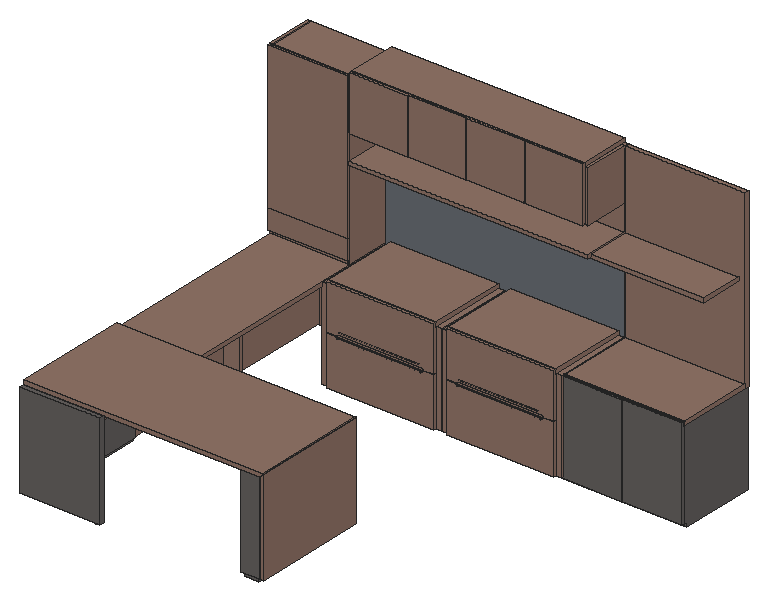
Revit family "OFS TYPICAL T100251", category Furniture, Revit 2022
Family settings
  OmniClass Number = 23.40.20.00
  OmniClass Title = General Furniture and Specialties
  Work Plane-Based = No
  Always vertical = Yes
  Cut with Voids When Loaded = No
  Render Appearance Source = Family Geometry
  Shared = No
  Room Calculation Point = No
Parameters (values of type "T100251")
  URL = "http://ofs.com/"
  Model = "T100251"
  Manufacturer = "OFS"
  Description = "OFS TYPICAL T100251"
  Default Elevation = 0' - 0"
  Copyright © = "©OFS 2024"
  Catalog = ""
  Authoring Version = "Autodesk Revit 2018"
  Assembly Code = "E2020200"
Reference planes (in)
  plane 1 "Center Front/Back": y = 0
  plane 2: z = 0
  plane 3 "Center Left/Right": x = 0
Dimensions and locks (in)
  nested 6 to plane 1 "Center Front/Back" = 9' - 0"
  nested 1 to nested 4 = 11' - 0"
  plane 3 "Center Left/Right" to nested 4 = 6' - 0"
  aligned and locked: level to plane 2
Nested families (in)
  nested 1: "OFS SLATE WORKSURFACE WARDROBE CABINETS" at (-24, 0, 0), type "Worksurface Wardrobe Cabinet Left Door 24W x 15D"
    with Top OFS SLATE Dark Wood, Panel OFS SLATE Dark Wood, Elevation 2' - 5 1/4", Drawers OFS SLATE Dark Wood, Case OFS SLATE Dark Wood, Base OFS SLATE Dark Wood, Back OFS SLATE Dark Wood
  nested 2: "OFS SLATE BRIDGES" at (0, 0, 0) x (0, 1, 0) z (0, 0, 1), type "72W Return Extended Bridge - Right"
    with Top OFS SLATE Dark Wood, Panel OFS SLATE Dark Wood
  nested 3: "OFS SLATE MODULAR CABINET TOP PULL" at (72, 0, 0), type "Modular Cabinet Top Pull 36W - 2 Doors"
    with Top OFS SLATE Black Wood, Glide OFS SLATE Silver Metal, Door OFS SLATE Black Wood, Case OFS SLATE Black Wood
  nested 4: "OFS SLATE WALLMOUNT PANEL WITH SHELF VENEER PARTIAL HEIGHT B" at (90, -12, 0), type "WALLMOUNT PANEL WITH RIGHT SHELF VENEER 3.5H 36in - 1.5H Shelf"
    with Chasis OFS SLATE Dark Wood, C6J Intermediate Shelf yes, C6J yes
  nested 5: "OFS SLATE OVERLAY WALLMOUNT ORGANIZER W HINGED DOORS _ OPEN SHELF 1.5H" at (36, -12, 0), type "OVERLAY WALLMOUNT ORGANIZER W 4 HINGED DOORS & OPEN SHELF 1.5H 72""
    with Glides OFS SLATE Black Plastic, Front Panel Finish OFS SLATE Dark Wood, Chasis OFS SLATE Dark Wood
  nested 6: "OFS SLATE OVERLAY WORK TABLE HEIGHT ADJUSTABLE" at (-24, -108, 0) x (-1, 0, 0) z (0, 0, 1), type "OVERLAY WORK TABLE HEIGHT ADJUSTABLE 72W x 36D Left"
    with Worksurface OFS BRANDS Dark Wood, Panel OFS BRANDS Black Wood, Feet OFS BRANDS White Glide
  nested 7: "OFS SLATE STORAGE MODULAR CABINET TOPS - Wire Drop Back" at (138, -24.125, 0) x (-1, 0, 0) z (0, 0, 1), type "Workwall Modular Cabinet Top w Wire Drop on the Back 36W SG 2"
    with Top Cabinet OFS SLATE Dark Wood, Height from Floor 2' - 5 1/4", Width 3' - 0", Depth 1' - 11"
  nested 8: "OFS SLATE WORKWALL OVERLAY CREDENZAS" at (0, 0, 0), type "SLATE WORKWALL OVERLAY CREDENZA LATERAL FILE 72" 2"
    with Width 3' - 0", Top OFS Dark Wood, Panel OFS Dark Wood, Length 2 0' - 0.063", Length 1 2' - 1.255", Glides OFS Black Plastic, Drawers OFS Dark Wood, Case OFS Dark Wood, Base OFS Dark Wood, 6 Drawers no, 4 Drawers no, 2 Drawers yes, Type 4, Overlay Lateral File yes
  nested 9: "OFS SLATE WORKWALL OVERLAY CREDENZAS" at (36, 0, 0), type "SLATE WORKWALL OVERLAY CREDENZA LATERAL FILE 72" 2"
    with Width 3' - 0", Top OFS Dark Wood, Panel OFS Dark Wood, Length 2 0' - 0.063", Length 1 2' - 1.255", Glides OFS Black Plastic, Drawers OFS Dark Wood, Case OFS Dark Wood, Base OFS Dark Wood, 6 Drawers no, 4 Drawers no, 2 Drawers yes, Type 4, Overlay Lateral File yes
  nested 10: "OFS SLATE WALLMOUNT PANEL FABRIC COVERED 2H" at (36, -12, 0), type "WALLMOUNT PANEL FABRIC COVERED 2H 72""
    with Panel OFS SLATE Fabric Cover
Definition of nested family "OFS SLATE WORKSURFACE WARDROBE CABINETS"
  Parameters (values of type "Worksurface Wardrobe Cabinet Right Door 24W x 18D")
    Width = 2' - 0"
    URL = "http://www.ofs.com/"
    Top [instance] = none
    Single Door = yes
    Right = yes
    Panel [instance] = none
    Model = "CA-241852WWCR"
    Manufacturer = "CAROLINA"
    Left = no
    Height = 4' - 3 1/2"
    Elevation [instance] = 2' - 5 1/4"
    Drawers [instance] = none
    Double Doors = no
    Description = "OFS SLATE Worksurface Wardrobe Cabinet Single Door 24W x 18D x 51.5H, Right Sided, Cabinet has a Coat Hang Rail"
    Depth = 1' - 6"
    Default Elevation = 0' - 0"
    Copyright © = "© 2019 BRANDS"
    Catalog = "https://ofs.com/products/casegoods/private-office/slate"
    Case [instance] = none
    Base [instance] = none
    Back [instance] = none
    Authoring Version = "Autodesk Revit Architecture 2014"
    Assembly Code = "E2020200"
  Types (10): name | Width | Single Door | Right | Model | Left | Double Doors | Description | Depth
    Worksurface Wardrobe Cabinet Left Door 24W x 15D | 2' - 0" | yes | no | "CA-2452WWCL" | yes | no | "OFS SLATE Worksurface Wardrobe Cabinet Single Door 24W x 15D x 51.5H, Left Sided, Cabinet has a Coat Hang Rail" | 1' - 3"
    Worksurface Wardrobe Cabinet Left Door 18W x 15D | 1' - 6" | yes | no | "CA-1852WWCL" | yes | no | "OFS SLATE Worksurface Wardrobe Cabinet Single Door 18W x 15D x 51.5H, Left Sided, Cabinet has a Coat Hook on each Side" | 1' - 3"
    Worksurface Wardrobe Cabinet Right Door 18W x 15D | 1' - 6" | yes | yes | "CA-1852WWCR" | no | no | "OFS SLATE Worksurface Wardrobe Cabinet Single Door 18W x 15D x 51.5H, Right Sided, Cabinet has a Coat Hook on each Side" | 1' - 3"
    Worksurface Wardrobe Cabinet Right Door 24W x 15D | 2' - 0" | yes | yes | "CA-2452WWCR" | no | no | "OFS SLATE Worksurface Wardrobe Cabinet Single Door 24W x 15D x 51.5H, Right Sided, Cabinet has a Coat Hang Rail" | 1' - 3"
    Worksurface Wardrobe Cabinet Left Door 18W x 18D | 1' - 6" | yes | no | "CA-181852WWCL" | yes | no | "OFS SLATE Worksurface Wardrobe Cabinet Single Door 18W x 18D x 51.5H, Left Sided, Cabinet has a Coat Hook on each Side" | 1' - 6"
    Worksurface Wardrobe Cabinet Left Door 24W x 18D | 2' - 0" | yes | no | "CA-241852WWCL" | yes | no | "OFS SLATE Worksurface Wardrobe Cabinet Single Door 24W x 18D x 51.5H, Left Sided, Cabinet has a Coat Hang Rail" | 1' - 6"
    Worksurface Wardrobe Cabinet Right Door 18W x 18D | 1' - 6" | yes | yes | "CA-181852WWCR" | no | no | "OFS SLATE Worksurface Wardrobe Cabinet Single Door 18W x 18D x 51.5H, Right Sided, Cabinet has a Coat Hook on each Side" | 1' - 6"
    Worksurface Wardrobe Cabinet Right Door 24W x 18D | 2' - 0" | yes | yes | "CA-241852WWCR" | no | no | "OFS SLATE Worksurface Wardrobe Cabinet Single Door 24W x 18D x 51.5H, Right Sided, Cabinet has a Coat Hang Rail" | 1' - 6"
    Worksurface Wardrobe Cabinet Double Doors 36W x 15D | 3' - 0" | no | no | "CA-3652WWC" | no | yes | "OFS SLATE Worksurface Wardrobe Cabinet with Double Doors 36W x 15D x 51.5H, Cabinet has a Coat Hang Rail" | 1' - 3"
    Worksurface Wardrobe Cabinet Double Doors 36W x 18D | 3' - 0" | no | no | "CA-361852WWC" | no | yes | "OFS SLATE Worksurface Wardrobe Cabinet with Double Doors 36W x 18D x 51.5H, Cabinet has a Coat Hang Rail" | 1' - 6"
  Reference planes (in)
    plane 1 "Center (Front/Back)": y = 0
    plane 2: z = 0
    plane 3 "Center (Left/Right)": x = 0
    plane 4: x = 0.75
    plane 5: x = 23.25
    plane 6: x = 24
    plane 7: x = 23.9375
    plane 8: x = 0.0625
    plane 9: x = 12
    plane 10: y = -0.75
    plane 11: y = -21
    plane 12: y = -18.10681
    plane 13: y = -17.35681
    plane 14: y = -17.25
    plane 15: z = 29.3125
    plane 16: z = 29.25
    plane 17: z = 80.1875
    plane 18: z = 30
    plane 19: z = 80.25
    plane 20: z = 79.5
    plane 21: z = 80.75
    plane 22: y = -18
    plane 23: z = 36.5
    plane 24: z = 36.375
    plane 25: z = 30.5
  Forms (in)
    Extrusion 1, solid, material <- "Case"
      sketch origin (0, 0, 0) x (1, 0, 0) y (0, 0, 1)
        loop
          line (0, 80.25) -> (0, 29.25) -> (0.75, 29.25) -> (0.75, 80.25) -> (0, 80.25)
        loop
          line (23.25, 80.25) -> (23.25, 29.25) -> (24, 29.25) -> (24, 80.25) -> (23.25, 80.25)
      from 0 to 17.25
    Extrusion 2, solid, material <- "Drawers", visible <- "Double Doors"
      sketch origin (-3.04745, -18.10681, 47.24409) x (-1, 0, 0) y (0, 0, 1)
        loop
          line (-14.98495, 32.94341) -> (-14.98495, -10.74409) -> (-3.10995, -10.74409) -> (-3.10995, 32.94341) -> (-14.98495, 32.94341)
        loop
          line (-15.10995, 32.94341) -> (-26.98495, 32.94341) -> (-26.98495, -10.74409) -> (-15.10995, -10.74409) -> (-15.10995, 32.94341)
      from 0 to 0.75
    Extrusion 3, solid, material <- "Drawers", visible <- "Single Door"
      sketch origin (-3.04745, -18.10681, 47.24409) x (-1, 0, 0) y (0, 0, 1)
        loop
          line (-3.10995, 32.94341) -> (-26.98495, 32.94341) -> (-26.98495, -10.74409) -> (-3.10995, -10.74409) -> (-3.10995, 32.94341)
      from 0 to 0.75
    Extrusion 4, solid, material <- "Back"
      sketch origin (59.59592, -60, 29.25) x (0, -1, 0) y (-1, 0, 0)
        loop
          line (-60, 58.84592) -> (-60, 36.34592) -> (-59.25, 36.34592) -> (-59.25, 58.84592) -> (-60, 58.84592)
      from 0 to -50.25
    Extrusion 5, solid, material <- "Top"
      sketch origin (-3.04745, -17.25, 47.24409) x (-1, 0, 0) y (0, 0, 1)
        loop
          line (-3.79745, 32.2559) -> (-3.79745, 33.0059) -> (-26.29745, 33.0059) -> (-26.29745, 32.2559) -> (-3.79745, 32.2559)
      from 0 to 17.25
    Extrusion 6, solid, material <- "Base"
      sketch origin (-3.04745, -17.25, 47.24409) x (-1, 0, 0) y (0, 0, 1)
        loop
          line (-3.79745, -16.74409) -> (-26.29745, -16.74409) -> (-26.29745, -17.99409) -> (-3.79745, -17.99409) -> (-3.79745, -16.74409)
      from 0 to 13.5
    Extrusion 7, solid, material <- "Drawers"
      sketch origin (15.63075, -18.10681, 42.5871) x (-1, 0, 0) y (0, 0, 1)
        loop
          line (15.56825, -6.2121) -> (-8.30675, -6.2121) -> (-8.30675, -12.0871) -> (15.56825, -12.0871) -> (15.56825, -6.2121)
      from 0 to 0.75
  Lines and regions (in)
    Masking region 1
      outline origin (-58.79662, -60, 80.25) x (-1, 0, 0) y (0, -1, 0)
        loop
          line (-58.79662, -60) -> (-58.79662, -41.89319) -> (-82.79662, -41.89319) -> (-82.79662, -60) -> (-58.79662, -60)
    symbolic lines, visible <- "Left"
      curve 1: line (0, -18.10681, 80.25) -> (24, -21, 80.25)
    symbolic lines, detail levels medium+fine
      curve 2: line (24, -18.10681, 80.25) -> (0, -18.10681, 80.25)
    symbolic lines, visible <- "Left", detail levels medium+fine
      curve 3: line (24, -21, 80.25) -> (24, -18.10681, 80.25)
    symbolic lines, visible <- "Right"
      curve 4: line (0, -21, 80.25) -> (24, -18.10681, 80.25)
    symbolic lines, visible <- "Right", detail levels medium+fine
      curve 5: line (0, -18.10681, 80.25) -> (0, -21, 80.25)
    symbolic lines, visible <- "Double Doors"
      curve 6: line (0, -18.10681, 80.25) -> (12, -21, 80.25)
      curve 7: line (24, -18.10681, 80.25) -> (12, -21, 80.25)
  Dimensions and locks (in)
    locked: plane 10 to plane 1 "Center (Front/Back)" at 0.75
    plane 14 to plane 13 to plane 22 to plane 12 to plane 11 = 0' - 0.10681" locked, 0' - 0.64319" locked, 0' - 0.10681" locked, 0' - 2.89319" locked
    plane 3 "Center (Left/Right)" to plane 8 to plane 4 = 0' - 0 1/16" locked, 0' - 0 11/16" locked
    plane 5 to plane 7 to plane 6 = 0' - 0 11/16" locked, 0' - 0 1/16" locked
    "Width": plane 3 "Center (Left/Right)" to plane 6
    equal spacing: plane 3 "Center (Left/Right)", plane 9, plane 6
    plane 21 to plane 19 to plane 17 to plane 20 = 0' - 0 1/2" locked, 0' - 0 1/16" locked, 0' - 0 11/16" locked
    plane 18 to plane 15 to plane 16 = 0' - 0 11/16" locked, 0' - 0 1/16" locked
    "Height": plane 21 to plane 16
    "Elevation": plane 16 to level
    Extrusion 2 sketch curve to plane 9 to Extrusion 2 sketch curve = 0' - 0 1/16" locked, 0' - 0 1/16" locked
    "Depth": plane 1 "Center (Front/Back)" to plane 22
    locked: plane 23 to plane 16 at 7.25
    locked: plane 23 to plane 24 at 0.125
    locked: plane 25 to plane 16 at 1.25
    aligned and locked: level to plane 2
    aligned and locked: Extrusion 1 sketch curve to plane 19  (x2)
    aligned and locked: plane 3 "Center (Left/Right)" to Extrusion 1 sketch curve
    aligned and locked: Extrusion 1 sketch curve to plane 16  (x2)
    aligned and locked: Extrusion 1 sketch curve to plane 4
    aligned and locked: Extrusion 1 sketch curve to plane 5
    aligned and locked: Extrusion 1 sketch curve to plane 6
    aligned and locked: Extrusion 1 to plane 14
    aligned and locked: Extrusion 2 sketch curve to plane 17
    aligned and locked: plane 17 to Extrusion 2 sketch curve
    aligned and locked: Extrusion 2 sketch curve to plane 7
    aligned and locked: Extrusion 3 sketch curve to plane 17
    aligned and locked: Extrusion 4 sketch curve to Extrusion 1
    aligned and locked: Extrusion 1 to Extrusion 4 sketch curve
    aligned and locked: Extrusion 4 sketch curve to plane 10
    aligned and locked: plane 5 to Extrusion 4 sketch curve
    aligned and locked: Extrusion 4 to plane 20
    aligned and locked: Extrusion 5 sketch curve to Extrusion 4  (x2)
    aligned and locked: Extrusion 1 to Extrusion 5 sketch curve  (x2)
    aligned and locked: Extrusion 6 sketch curve to plane 4
    aligned and locked: Extrusion 6 sketch curve to Extrusion 4
    aligned and locked: Extrusion 6 sketch curve to Extrusion 1
    aligned and locked: Extrusion 5 to plane 1 "Center (Front/Back)"
    aligned and locked: Extrusion 5 to plane 14
    aligned and locked: Masking region 1 sketch curve to Extrusion 1  (x3)
    aligned and locked: Masking region 1 sketch curve to plane 12
    aligned and locked: plane 12 to curve 1
    aligned and locked: plane 11 to curve 1
    aligned and locked: curve 3 to plane 6
    aligned and locked: curve 4 to plane 12
    aligned and locked: curve 4 to plane 3 "Center (Left/Right)"
    aligned and locked: plane 11 to curve 4
    aligned and locked: Extrusion 3 to plane 13
    aligned and locked: curve 6 to plane 9
    aligned and locked: curve 6 to plane 3 "Center (Left/Right)"
    aligned and locked: curve 7 to plane 6
    aligned and locked: plane 23 to Extrusion 2  (x2)
    aligned and locked: plane 25 to Extrusion 7
    aligned and locked: Extrusion 7 to plane 24
    aligned and locked: Extrusion 7 to plane 8
    aligned and locked: Extrusion 7 to plane 7
    aligned and locked: Extrusion 6 to plane 25
  Automatic sketch dimensions
    Extrusion 2 sketch curve to plane 8 = 0' - 0"
    Extrusion 2 sketch curve to plane 23 = 0' - 0"  (x2)
    plane 7 to Extrusion 3 sketch curve = 0' - 0"
    Extrusion 3 sketch curve to plane 8 = 0' - 0"
    Extrusion 3 sketch curve to plane 23 = 0' - 0"
    plane 11 to curve 6 = 0' - 0"
    plane 20 to Extrusion 7 sketch curve = 3' - 7 1/8"
    Extrusion 7 sketch curve to plane 6 = 0' - 0 1/16"
    Extrusion 7 sketch curve to plane 6 = 1' - 11 15/16"
    Extrusion 7 sketch curve to plane 18 = 0' - 0 1/2"
    Extrusion 6 sketch curve to plane 18 = 0' - 0 1/2"
Definition of nested family "OFS SLATE BRIDGES"
  Parameters (values of type "84W Return Extended Bridge - Right")
    Width = 7' - 0"
    URL = "http://www.ofs.com/"
    Type = 3
    Right Extended Bridge = Type = 3  # yes
    Left Extended Bridge = Type = 4  # no
    Default Elevation = 0' - 0"
    Bridge Top = or(Type = 1, Type = 2)  # no
    Back Panel = Type = 2  # no
    Description = "OFS SLATE 84W Right Return Extended Bridge"
    Model = "CA-2484RPRS"
    Manufacturer = "CAROLINA"
    Copyright © = "© 2019 OFS"
    Catalog = "https://ofs.com/products/tables/conference/slate"
    Authoring Version = "Autodesk Revit Architecture 2014"
    Assembly Code = "E2020200"
    Top [instance] = none
    Panel [instance] = none
  Types (12): name | Width | Type | Right Extended Bridge | Left Extended Bridge | Bridge Top | Back Panel | Description | Model
    84W Return Extended Bridge - Left | 7' - 0" | 4 | no | yes | no | no | "OFS SLATE 84W Left Return Extended Bridge" | "CA-2484LPRS"
    78W Return Extended Bridge - Left | 6' - 6" | 4 | no | yes | no | no | "OFS SLATE 78W Left Return Extended Bridge" | "CA-2478LPRS"
    72W Return Extended Bridge - Left | 6' - 0" | 4 | no | yes | no | no | "OFS SLATE 72W Left Return Extended Bridge" | "CA-2472LPRS"
    66W Return Extended Bridge - Left | 5' - 6" | 4 | no | yes | no | no | "OFS SLATE 66W Left Return Extended Bridge" | "CA-2466LPRS"
    84W Return Extended Bridge - Right | 7' - 0" | 3 | yes | no | no | no | "OFS SLATE 84W Right Return Extended Bridge" | "CA-2484RPRS"
    78W Return Extended Bridge - Right | 6' - 6" | 3 | yes | no | no | no | "OFS SLATE 78W Right Return Extended Bridge" | "CA-2478RPRS"
    72W Return Extended Bridge - Right | 6' - 0" | 3 | yes | no | no | no | "OFS SLATE 72W Right Return Extended Bridge" | "CA-2472RPRS"
    66W Return Extended Bridge - Right | 5' - 6" | 3 | yes | no | no | no | "OFS SLATE 66W Right Return Extended Bridge" | "CA-2466RPRS"
    48 Bridge Top With Back Panel | 4' - 0" | 2 | no | no | yes | yes | "OFS SLATE 48W Bridge Top With Back Panel" | "CA-2448BR"
    42 Bridge Top With Back Panel | 3' - 6" | 2 | no | no | yes | yes | "OFS SLATE 42W Bridge Top With Back Panel" | "CA-2442BR"
    48 Bridge Top | 4' - 0" | 1 | no | no | yes | no | "OFS SLATE 48W Return Bridge Top" | "CA-2448BRT"
    42 Bridge Top | 3' - 6" | 1 | no | no | yes | no | "OFS SLATE 42W Return Bridge Top" | "CA-2442BRT"
  Reference planes (in)
    plane 1 "Center (Front/Back)": y = 0
    plane 2: z = 0
    plane 3 "Center (Left/Right)": x = 0
    plane 4 "rrr": through (-2.45771, -5.50063, 16.56517) normal (0.0223, 0.0194, 0.9996)
    plane 5: x = 84
    plane 6: y = -1.1875
    plane 7: y = -24
    plane 8: z = 29.2
    plane 9: z = 28.0125
    plane 10: z = 0.45
    plane 11: x = 42
    plane 12: x = -84
    plane 13: x = -42.59375
    plane 14: x = -1.1875
    plane 15: x = 1.1875
    plane 16: z = 28.0125
    plane 17: z = 27.2625
    plane 18: z = 0.45
    plane 19: y = 24
  Forms (in)
    Extrusion 1, solid, material <- "Top", visible <- "Bridge Top"
      sketch origin (0, 0, 0) x (0, 1, 0) y (0, 0, 1)
        loop
          line (0, 29.2) -> (-24, 29.2) -> (-24, 28.0125) -> (0, 28.0125) -> (0, 29.2)
      from 0 to 84
    Extrusion 2, solid, material <- "Panel", visible <- "Back Panel"
      sketch origin (0, 0, 0) x (0, 1, 0) y (0, 0, 1)
        loop
          line (0, 28.0125) -> (-1.1875, 28.0125) -> (-1.1875, 0.45) -> (0, 0.45) -> (0, 28.0125)
      from 0 to 84
    Extrusion 3, solid, material <- "Top", visible <- "Right Extended Bridge"
      sketch origin (0, 0, 0) x (0, 1, 0) y (0, 0, 1)
        loop
          line (24, 29.2) -> (0, 29.2) -> (0, 28.0125) -> (24, 28.0125) -> (24, 29.2)
      from 0 to -84
    Sweep 4, solid, material <- "Panel", visible <- "Right Extended Bridge"
      path origin (0, 24, 47.24409) x (1, 0, 0) y (0, 0, 1)
        loop
          line (-42.59375, -19.23159) -> (-42.59375, -46.79409)
      profile origin (-42.59375, 24, 14.23125) x (0, -1, 0) y (1, 0, 0)
        loop
          line (0, -0.375) -> (9, -0.375) -> (9, 0.375) -> (0, 0.375) -> (0, -0.375)
    Sweep 5, solid, material <- "Panel", visible <- "Right Extended Bridge"
      path origin (0, 24, 47.24409) x (1, 0, 0) y (0, 0, 1)
        loop
          line (-42.59375, -19.23159) -> (-42.59375, -46.79409)
      profile origin (-42.59375, 24, 14.23125) x (0, -1, 0) y (1, 0, 0)
        loop
          line (0, 1.125) -> (0, 0.375) -> (3.25, 0.375) -> (3.25, 1.125) -> (0, 1.125)
        loop
          line (0, -1.125) -> (3.25, -1.125) -> (3.25, -0.375) -> (0, -0.375) -> (0, -1.125)
    Sweep 6, solid, material <- "Panel", visible <- "Right Extended Bridge"
      path origin (0, 24, 47.24409) x (1, 0, 0) y (0, 0, 1)
        loop
          line (-84, -46.79409) -> (-84, -19.23159)
      profile origin (-84, 24, 14.23125) x (-1, 0, 0) y (0, -1, 0)
        loop
          line (-0.75, 0) -> (0, 0) -> (0, 3.25) -> (-0.75, 3.25) -> (-0.75, 0)
    Sweep 7, solid, material <- "Panel", visible <- "Right Extended Bridge"
      path origin (0, 24, 47.24409) x (1, 0, 0) y (0, 0, 1)
        loop
          line (-1.1875, -19.23159) -> (-1.1875, -46.79409)
      profile origin (-1.1875, 24, 14.23125) x (0, -1, 0) y (1, 0, 0)
        loop
          line (0, 0) -> (0, -0.75) -> (3.25, -0.75) -> (3.25, 0) -> (0, 0)
    Extrusion 8, solid, material <- "Panel", visible <- "Right Extended Bridge"
      sketch origin (0, 0, 0) x (1, 0, 0) y (0, 0, 1)
        loop
          line (-1.1875, 28.0125) -> (-1.1875, 0.45) -> (0, 0.45) -> (0, 28.0125) -> (-1.1875, 28.0125)
      from 0 to -24
    Extrusion 9, solid, material <- "Panel", visible <- "Right Extended Bridge"
      sketch origin (-84, 24, 47.24409) x (0, 1, 0) y (0, 0, 1)
        loop
          line (-3.25, -32.79409) -> (-4, -32.79409) -> (-4, -46.79409) -> (-3.25, -46.79409) -> (-3.25, -32.79409)
      from 0 to 41.03125
    Extrusion 10, solid, material <- "Panel", visible <- "Right Extended Bridge"
      sketch origin (-1.1875, 24, 47.24409) x (0, 1, 0) y (0, 0, -1)
        loop
          line (-3.25, 32.79409) -> (-3.25, 46.79409) -> (-4, 46.79409) -> (-4, 32.79409) -> (-3.25, 32.79409)
      from 0 to 41.03125
    Extrusion 11, solid, material <- "Panel", visible <- "Right Extended Bridge"
      sketch origin (0, 0, 0) x (1, 0, 0) y (0, 0, 1)
        loop
          line (-83.875, 27.2625) -> (-83.875, 14.575) -> (-43.09375, 14.575) -> (-43.09375, 27.2625) -> (-83.875, 27.2625)
      from -20.75 to -20
    Extrusion 12, solid, material <- "Panel", visible <- "Right Extended Bridge"
      sketch origin (0, 0, 0) x (1, 0, 0) y (0, 0, 1)
        loop
          line (-42.09375, 27.2625) -> (-42.09375, 14.575) -> (-1.3125, 14.575) -> (-1.3125, 27.2625) -> (-42.09375, 27.2625)
      from -20.75 to -20
    Extrusion 13, solid, material <- "Top", visible <- "Left Extended Bridge"
      sketch origin (0, 0, 0) x (0, 1, 0) y (0, 0, -1)
        loop
          line (24, -29.2) -> (24, -28.0125) -> (0, -28.0125) -> (0, -29.2) -> (24, -29.2)
      from 0 to -84
    Sweep 14, solid, material <- "Panel", visible <- "Left Extended Bridge"
      path origin (0, 24, 47.24409) x (-1, 0, 0) y (0, 0, -1)
        loop
          line (-42.59375, 19.23159) -> (-42.59375, 46.79409)
      profile origin (42.59375, 24, 14.23125) x (0, -1, 0) y (1, 0, 0)
        loop
          line (0, 0.375) -> (0, -0.375) -> (9, -0.375) -> (9, 0.375) -> (0, 0.375)
    Sweep 15, solid, material <- "Panel", visible <- "Left Extended Bridge"
      path origin (0, 24, 47.24409) x (-1, 0, 0) y (0, 0, -1)
        loop
          line (-42.59375, 19.23159) -> (-42.59375, 46.79409)
      profile origin (42.59375, 24, 14.23125) x (0, -1, 0) y (1, 0, 0)
        loop
          line (0, -1.125) -> (3.25, -1.125) -> (3.25, -0.375) -> (0, -0.375) -> (0, -1.125)
        loop
          line (0, 1.125) -> (0, 0.375) -> (3.25, 0.375) -> (3.25, 1.125) -> (0, 1.125)
    Sweep 16, solid, material <- "Panel", visible <- "Left Extended Bridge"
      path origin (0, 24, 47.24409) x (-1, 0, 0) y (0, 0, -1)
        loop
          line (-84, 46.79409) -> (-84, 19.23159)
      profile origin (84, 24, 14.23125) x (-1, 0, 0) y (0, -1, 0)
        loop
          line (0.75, 0) -> (0.75, 3.25) -> (0, 3.25) -> (0, 0) -> (0.75, 0)
    Sweep 17, solid, material <- "Panel", visible <- "Left Extended Bridge"
      path origin (0, 24, 47.24409) x (-1, 0, 0) y (0, 0, -1)
        loop
          line (-1.1875, 19.23159) -> (-1.1875, 46.79409)
      profile origin (1.1875, 24, 14.23125) x (0, -1, 0) y (1, 0, 0)
        loop
          line (0, 0) -> (3.25, 0) -> (3.25, 0.75) -> (0, 0.75) -> (0, 0)
    Extrusion 18, solid, material <- "Panel", visible <- "Left Extended Bridge"
      sketch origin (0, 0, 0) x (-1, 0, 0) y (0, 0, -1)
        loop
          line (-1.1875, -28.0125) -> (0, -28.0125) -> (0, -0.45) -> (-1.1875, -0.45) -> (-1.1875, -28.0125)
      from 0 to -24
    Extrusion 19, solid, material <- "Panel", visible <- "Left Extended Bridge"
      sketch origin (84, 24, 47.24409) x (0, 1, 0) y (0, 0, -1)
        loop
          line (-3.25, 32.79409) -> (-3.25, 46.79409) -> (-4, 46.79409) -> (-4, 32.79409) -> (-3.25, 32.79409)
      from 0 to 41.03125
    Extrusion 20, solid, material <- "Panel", visible <- "Left Extended Bridge"
      sketch origin (1.1875, 24, 47.24409) x (0, 1, 0) y (0, 0, 1)
        loop
          line (-3.25, -32.79409) -> (-4, -32.79409) -> (-4, -46.79409) -> (-3.25, -46.79409) -> (-3.25, -32.79409)
      from 0 to 41.03125
    Extrusion 21, solid, material <- "Panel", visible <- "Left Extended Bridge"
      sketch origin (0, 0, 0) x (-1, 0, 0) y (0, 0, -1)
        loop
          line (-83.875, -27.2625) -> (-43.09375, -27.2625) -> (-43.09375, -14.575) -> (-83.875, -14.575) -> (-83.875, -27.2625)
      from -20.75 to -20
    Extrusion 22, solid, material <- "Panel", visible <- "Left Extended Bridge"
      sketch origin (0, 0, 0) x (-1, 0, 0) y (0, 0, -1)
        loop
          line (-42.09375, -27.2625) -> (-1.3125, -27.2625) -> (-1.3125, -14.575) -> (-42.09375, -14.575) -> (-42.09375, -27.2625)
      from -20.75 to -20
  Lines and regions (in)
    Masking region 1, visible <- "Bridge Top"
      outline origin (0, 0, 0) x (1, 0, 0) y (0, 1, 0)
        loop
          line (0, 0) -> (0, -24) -> (84, -24) -> (84, 0) -> (0, 0)
    Masking region 2, visible <- "Right Extended Bridge"
      outline origin (0, 0, 0) x (1, 0, 0) y (0, 1, 0)
        loop
          line (-84, 24) -> (-84, 0) -> (0, 0) -> (0, 24) -> (-84, 24)
    Masking region 3, visible <- "Left Extended Bridge"
      outline origin (0, 0, 0) x (1, 0, 0) y (0, 1, 0)
        loop
          line (0, 24) -> (0, 0) -> (84, 0) -> (84, 24) -> (0, 24)
  Dimensions and locks (in)
    "Width": plane 3 "Center (Left/Right)" to plane 5
    equal spacing: plane 3 "Center (Left/Right)", plane 11, plane 5
    "Width": plane 12 to plane 3 "Center (Left/Right)"
    equal spacing: plane 12, plane 13, plane 14
    Sweep 4 sketch curve to profile plane to Sweep 4 sketch curve = 0' - 0 3/8" locked, 0' - 0 3/8" locked
    Sweep 14 sketch curve to profile plane to Sweep 14 sketch curve = 0' - 0 3/8" locked, 0' - 0 3/8" locked
    equal spacing: plane 15, Sweep 14 sketch curve, plane 5
    equal spacing: plane 15, Sweep 15 sketch curve, plane 5
    aligned and locked: level to plane 2
    aligned and locked: Extrusion 1 sketch curve to plane 8
    aligned and locked: plane 9 to Extrusion 1 sketch curve
    aligned and locked: plane 7 to Extrusion 1 sketch curve
    aligned and locked: plane 1 "Center (Front/Back)" to Extrusion 1 sketch curve
    aligned and locked: Extrusion 1 to plane 3 "Center (Left/Right)"
    aligned and locked: Extrusion 1 to plane 5
    aligned and locked: plane 1 "Center (Front/Back)" to Extrusion 2 sketch curve
    aligned and locked: Extrusion 2 sketch curve to plane 9
    aligned and locked: plane 10 to Extrusion 2 sketch curve
    aligned and locked: plane 6 to Extrusion 2 sketch curve
    aligned and locked: Extrusion 2 to plane 5
    aligned and locked: Extrusion 2 to plane 3 "Center (Left/Right)"
    aligned and locked: plane 3 "Center (Left/Right)" to Masking region 1 sketch curve
    aligned and locked: plane 1 "Center (Front/Back)" to Masking region 1 sketch curve
    aligned and locked: plane 5 to Masking region 1 sketch curve
    aligned and locked: Masking region 1 sketch curve to plane 7
    aligned and locked: plane 11 to nested 1
    aligned and locked: plane 7 to nested 1
    aligned and locked: plane 13 to nested 2
    aligned and locked: nested 2 to plane 1 "Center (Front/Back)"
    aligned and locked: plane 11 to nested 3
    aligned and locked: nested 3 to plane 1 "Center (Front/Back)"
    aligned and locked: Extrusion 3 sketch curve to plane 8
    aligned and locked: Extrusion 3 sketch curve to plane 1 "Center (Front/Back)"
    aligned and locked: Extrusion 3 sketch curve to plane 16
    aligned and locked: plane 19 to Extrusion 3 sketch curve
    aligned and locked: plane 3 "Center (Left/Right)" to Extrusion 3
    aligned and locked: Extrusion 3 to plane 12
    aligned and locked: plane 13 to Sweep 4 sketch curve
    aligned and locked: plane 10 to Sweep 4 sketch curve
    aligned and locked: plane 16 to Sweep 4 sketch curve
    aligned and locked: profile plane to Sweep 4 sketch curve
    aligned and locked: plane 10 to Sweep 5 sketch curve
    aligned and locked: plane 16 to Sweep 5 sketch curve
    aligned and locked: plane 13 to Sweep 5 sketch curve
    aligned and locked: Sweep 5 sketch curve to Sweep 4
    aligned and locked: Sweep 4 to Sweep 5 sketch curve
    aligned and locked: profile plane to Sweep 5 sketch curve
    aligned and locked: Sweep 5 sketch curve to profile plane
    aligned and locked: plane 16 to Sweep 6 sketch curve
    aligned and locked: plane 10 to Sweep 6 sketch curve
    aligned and locked: plane 12 to Sweep 6 sketch curve
    aligned and locked: Sweep 6 sketch curve to profile plane  (x2)
    aligned and locked: plane 16 to Sweep 7 sketch curve
    aligned and locked: plane 10 to Sweep 7 sketch curve
    aligned and locked: Sweep 7 sketch curve to plane 14
    aligned and locked: Sweep 7 sketch curve to profile plane  (x2)
    aligned and locked: Extrusion 8 sketch curve to plane 3 "Center (Left/Right)"
    aligned and locked: plane 14 to Extrusion 8 sketch curve
    aligned and locked: plane 16 to Extrusion 8 sketch curve
    aligned and locked: plane 10 to Extrusion 8 sketch curve
    aligned and locked: plane 1 "Center (Front/Back)" to Extrusion 8
    aligned and locked: Extrusion 9 sketch curve to plane 18
    aligned and locked: Extrusion 9 to plane 12
    aligned and locked: plane 14 to Extrusion 10
    aligned and locked: Extrusion 10 to Sweep 4
    aligned and locked: Extrusion 9 to Sweep 4
    aligned and locked: Extrusion 11 sketch curve to plane 17
    aligned and locked: Extrusion 12 sketch curve to plane 17
    aligned and locked: profile plane to Sweep 14 sketch curve
    aligned and locked: Sweep 15 sketch curve to Sweep 14  (x2)
    aligned and locked: profile plane to Sweep 15 sketch curve
    aligned and locked: Sweep 15 sketch curve to profile plane
    aligned and locked: Sweep 16 sketch curve to profile plane  (x2)
    aligned and locked: Sweep 17 sketch curve to profile plane  (x2)
    aligned and locked: Sweep 14 to Extrusion 20
    aligned and locked: Sweep 14 to Extrusion 19
    aligned and locked: Extrusion 13 to plane 5
    aligned and locked: Extrusion 19 to plane 5
    aligned and locked: plane 19 to Masking region 2 sketch curve
    aligned and locked: Masking region 2 sketch curve to plane 3 "Center (Left/Right)"
    aligned and locked: plane 12 to Masking region 2 sketch curve
    aligned and locked: Masking region 2 sketch curve to plane 1 "Center (Front/Back)"
    aligned and locked: plane 3 "Center (Left/Right)" to Masking region 3 sketch curve
    aligned and locked: Masking region 3 sketch curve to plane 1 "Center (Front/Back)"
    aligned and locked: plane 19 to Masking region 3 sketch curve
    aligned and locked: Masking region 3 sketch curve to plane 5
  Automatic sketch dimensions
    plane 19 to Sweep 4 sketch curve = 0' - 9"
    Sweep 5 sketch curve to profile plane = 0' - 1 1/8"
    plane 19 to Sweep 5 sketch curve = 0' - 3 1/4"
    Sweep 5 sketch curve to Sweep 5 sketch curve = 0' - 0"
    Sweep 5 sketch curve to Sweep 5 sketch curve = 0' - 0 3/4"
    profile plane to Sweep 6 sketch curve = 0' - 0 3/4"
    plane 19 to Sweep 6 sketch curve = 0' - 3 1/4"
    plane 19 to Sweep 7 sketch curve = 0' - 3 1/4"
    Sweep 7 sketch curve to Sweep 7 sketch curve = 0' - 0 3/4"
    plane 19 to Extrusion 9 sketch curve = 0' - 4"
    Extrusion 9 sketch curve to Extrusion 9 sketch curve = 0' - 0 3/4"
    Extrusion 9 sketch curve to plane 17 = 1' - 0 13/16"
    plane 18 to Extrusion 10 sketch curve = 0' - 0"
    plane 19 to Extrusion 10 sketch curve = 0' - 4"
    Extrusion 10 sketch curve to Extrusion 10 sketch curve = 0' - 0 3/4"
    Extrusion 10 sketch curve to plane 17 = 1' - 0 13/16"
    plane 12 to Extrusion 11 sketch curve = 0' - 0 1/8"
    plane 13 to Extrusion 11 sketch curve = 0' - 0 1/2"
    Extrusion 11 sketch curve to plane 17 = 1' - 0 11/16"
    Extrusion 12 sketch curve to plane 13 = 0' - 0 1/2"
    Extrusion 12 sketch curve to plane 14 = 0' - 0 1/8"
    Extrusion 12 sketch curve to plane 17 = 1' - 0 11/16"
    Extrusion 13 sketch curve to plane 1 "Center (Front/Back)" = 0' - 0"
    plane 16 to Extrusion 13 sketch curve = 0' - 0"
    Extrusion 13 sketch curve to plane 19 = 0' - 0"
    Extrusion 13 sketch curve to plane 8 = 0' - 0"
    Sweep 14 sketch curve to plane 10 = 0' - 0"
    Sweep 14 sketch curve to plane 16 = 0' - 0"
    plane 19 to Sweep 14 sketch curve = 0' - 9"
    Sweep 15 sketch curve to plane 10 = 0' - 0"
    Sweep 15 sketch curve to plane 16 = 0' - 0"
    profile plane to Sweep 15 sketch curve = 0' - 1 1/8"
    plane 19 to Sweep 15 sketch curve = 0' - 3 1/4"
    Sweep 15 sketch curve to Sweep 15 sketch curve = 0' - 0"
    Sweep 15 sketch curve to Sweep 15 sketch curve = 0' - 0 3/4"
    plane 5 to Sweep 16 sketch curve = 0' - 0"
    Sweep 16 sketch curve to plane 16 = 0' - 0"
    Sweep 16 sketch curve to plane 10 = 0' - 0"
    Sweep 16 sketch curve to Sweep 16 sketch curve = 0' - 0 3/4"
    plane 19 to Sweep 16 sketch curve = 0' - 3 1/4"
    Sweep 17 sketch curve to plane 10 = 0' - 0"
    plane 15 to Sweep 17 sketch curve = 0' - 0"
    Sweep 17 sketch curve to plane 16 = 0' - 0"
    plane 19 to Sweep 17 sketch curve = 0' - 3 1/4"
    Sweep 17 sketch curve to Sweep 17 sketch curve = 0' - 0 3/4"
    Extrusion 18 sketch curve to plane 10 = 0' - 0"
    plane 15 to Extrusion 18 sketch curve = 0' - 0"
    Extrusion 18 sketch curve to plane 3 "Center (Left/Right)" = 0' - 0"
    Extrusion 18 sketch curve to plane 16 = 0' - 0"
    plane 18 to Extrusion 19 sketch curve = 0' - 0"
    plane 19 to Extrusion 19 sketch curve = 0' - 4"
    Extrusion 19 sketch curve to Extrusion 19 sketch curve = 0' - 0 3/4"
    Extrusion 19 sketch curve to plane 17 = 1' - 0 13/16"
    plane 18 to Extrusion 20 sketch curve = 0' - 0"
    plane 19 to Extrusion 20 sketch curve = 0' - 4"
    Extrusion 20 sketch curve to Extrusion 20 sketch curve = 0' - 0 3/4"
    Extrusion 20 sketch curve to plane 17 = 1' - 0 13/16"
    Extrusion 21 sketch curve to plane 17 = 0' - 0"
    plane 5 to Extrusion 21 sketch curve = 0' - 0 1/8"
    Extrusion 21 sketch curve to plane 11 = 0' - 1 3/32"
    Extrusion 21 sketch curve to Extrusion 21 sketch curve = 1' - 0 11/16"
    Extrusion 22 sketch curve to plane 17 = 0' - 0"
    Extrusion 22 sketch curve to plane 11 = 0' - 0 3/32"
    Extrusion 22 sketch curve to plane 15 = 0' - 0 1/8"
    Extrusion 22 sketch curve to plane 17 = 1' - 0 11/16"
  Nested families (in)
    nested 1: "Tag" at (42, -24, 0) x (-1, 0, 0) z (0, 0, 1), visible <- "Bridge Top", type "Center", detail levels fine
      with Offset (LR) 0' - 0", Distance of Center (not Change) 0' - 0.1"
    nested 2: "Tag" at (-42.59375, 0, 0) x (-1, 0, 0) z (0, 0, 1), visible <- "Right Extended Bridge", type "Center", detail levels fine
      with Offset (LR) 0' - 0", Distance of Center (not Change) 0' - 0.1"
    nested 3: "Tag" at (42, 0, 0) x (-1, 0, 0) z (0, 0, 1), visible <- "Left Extended Bridge", type "Center", detail levels fine
      with Offset (LR) 0' - 0", Distance of Center (not Change) 0' - 0.1"
  Definition of nested family "Tag"
    Parameters
      P_Width = 0' - 0"
      Text_Width = "Empty"
      Text_Height = "Empty"
      Text_Diameter = "Empty"
      Text_Depth = "Empty"
      Offset (LR) [instance] = 0' - 0"
      Model Name = "EK-7168-E"
      P_Height = 0' - 0"
      Distance of Center (not Change) = 0' - 0"
      P_Diameter = 0' - 0"
      P_Depth = 0' - 0"
    Reference planes (in)
      plane 1: y = 0
      plane 2: x = 0
    Lines and regions (in)
      reference lines
        curve 1: line (-0.44359, 0, 0) -> (0.41085, 0, 0)
        curve 3: line (0, 0.32564, 0) -> (0, -0.40221, 0)
      reference lines, not visible
        curve 2: line (-0.44359, 0.09843, 0) -> (0.41085, 0.09843, 0)
        curve 4: line (0, 0.42407, 0) -> (0, -0.30379, 0)
    Text (in)
      label "Empty" at (0.00197, -0.0079, 0), shows "Model Name"
      label "Empty" at (0.00197, 0.09052, 0), shows "Model Name", not visible
    Dimensions and locks (in)
      "Distance of Center (not Change)": plane 1 to curve 1
      "Offset (LR)": curve 3 to plane 2
    Automatic sketch dimensions
      curve 1 to curve 3 = 0' - 0.44359"
      curve 3 to curve 1 = 0' - 0.41085"
      curve 3 to curve 1 = 0' - 0.40221"
      curve 1 to curve 3 = 0' - 0.32564"
      curve 2 to curve 4 = 0' - 0.44359"
      curve 4 to curve 2 = 0' - 0.41085"
      curve 4 to curve 2 = 0' - 0.40221"
      curve 2 to curve 4 = 0' - 0.32564"
Definition of nested family "OFS SLATE MODULAR CABINET TOP PULL"
  Parameters (values of type "Modular Cabinet Top Pull - Left Hinged")
    URL = "http://www.ofs.com/"
    Type_4 = Type = 4  # no
    Type_3 = Type = 3  # no
    Type_2 = Type = 2  # no
    Type_1 = Type = 1  # yes
    Type = 1
    Top [instance] = none
    Default Elevation = 0' - 0"
    Case [instance] = none
    Model = "CA-1824LMDC-1"
    Manufacturer = "CAROLINA"  # constant formula
    Glide [instance] = none
    Door [instance] = none
    Description = "OFS SLATE Modular Cabinet Top Pull - Left Hinged"
    Central_Pull = if(Type = 1, 0' 1", 0' 5")  # 0' - 1"
    Copyright © = "© 2019 OFS"  # constant formula
    Catalog = "https://ofs.com/products/tables/conference/slate"  # constant formula
    Authoring Version = "Autodesk Revit Architecture 2014"  # constant formula
    Assembly Code = "E2020200"
  Types (4): name | Type_4 | Type_3 | Type_2 | Type_1 | Type | Model | Description | Central_Pull
    Modular Cabinet Top Pull 36W - 2 Doors | yes | no | no | no | 4 | "CA-3624MDC-1" | "OFS SLATE Modular Cabinet Top Pull 36W - 2 Doors" | 0' - 5"
    Modular Cabinet Top Pull 30W - 2 Doors | no | yes | no | no | 3 | "CA-3024MDC-1" | "OFS SLATE Modular Cabinet Top Pull 30W - 2 Doors" | 0' - 5"
    Modular Cabinet Top Pull - Left Hinged | no | no | no | yes | 1 | "CA-1824LMDC-1" | "OFS SLATE Modular Cabinet Top Pull - Left Hinged" | 0' - 1"
    Modular Cabinet Top Pull - Right Hinged | no | no | yes | no | 2 | "CA-1824RMDC-1" | "OFS SLATE Modular Cabinet Top Pull - Right Hinged" | 0' - 5"
  Reference planes (in)
    plane 1 "Center (Front/Back)": y = 0
    plane 2: z = 0
    plane 3 "Center (Left/Right)": x = 0
    plane 4: y = -24.6875
    plane 5: x = 18
    plane 6: z = 23
    plane 7: x = -18
    plane 8: x = 30
    plane 9: x = 36
  Forms (in)
    Extrusion 1, solid, material <- "Case", visible <- "Type_1"
      sketch origin (0, 0, 0) x (1, 0, 0) y (0, 0, 1)
        loop
          line (17.25, 24.02141) -> (17.25, 28.00512) -> (0.76067, 28.00512) -> (0.76067, 24.02141) -> (17.25, 24.02141)
      from 0 to 0.75
    Extrusion 2, solid, material <- "Case", visible <- "Type_1"
      sketch origin (0, 0, 0) x (1, 0, 0) y (0, 0, 1)
        loop
          line (17.25, 0.45933) -> (17.25, 4.44725) -> (0.76067, 4.44725) -> (0.76067, 0.45933) -> (17.25, 0.45933)
      from 0 to 0.75
    Extrusion 3, solid, material <- "Case", visible <- "Type_1"
      sketch origin (0, 0, 0) x (0, 1, 0) y (0, 0, 1)
        loop
          line (0, 0.45) -> (0, 28.0125) -> (-23.9375, 28.0125) -> (-23.9375, 1.7) -> (-23.0625, 1.7) -> (-23.0625, 0.45) -> (0, 0.45)
      from 0 to 0.76067
    Extrusion 4, solid, material <- "Case", visible <- "Type_1"
      sketch origin (0, 0, 0) x (0, 1, 0) y (0, 0, 1)
        loop
          line (0, 0.45) -> (0, 28.0125) -> (-23.9375, 28.0125) -> (-23.9375, 1.7) -> (-23.0625, 1.7) -> (-23.0625, 0.45) -> (0, 0.45)
      from 17.25 to 17.9375
    Extrusion 5, solid, material <- "Case", visible <- "Type_1"
      sketch origin (0, 0, 0) x (0, 1, 0) y (0, 0, 1)
        loop
          line (-23.0625, 1.7) -> (-23.0625, 0.45) -> (-0.75, 0.45) -> (-0.75, 1.7) -> (-23.0625, 1.7)
      from 0.75 to 17.25
    Extrusion 6, solid, material <- "Top", visible <- "Type_1"
      sketch origin (0, 0, 0) x (1, 0, 0) y (0, 1, 0)
        loop
          line (0.76067, -4) -> (0.76067, -8) -> (17.25, -8) -> (17.25, -4) -> (0.76067, -4)
        loop
          line (0.76067, -15.9375) -> (0.76067, -19.9375) -> (17.25, -19.9375) -> (17.25, -15.9375) -> (0.76067, -15.9375)
      from 27.2625 to 28.0125
    Revolve 7, solid, material <- "Glide", visible <- "Type_1"
      sketch origin (0, -1.37044, 0) x (1, 0, 0) y (0, 0, 1)
        loop
          line (1.3909, 0.45) -> (1.1409, 0.45) -> (1.1409, 0.25244)
          arc (1.1409, 0.25244) -> (1.01965, 0.12377) -> (1.1459, 0) r 0.12627
          line (1.1459, 0) -> (1.3909, 0) -> (1.3909, 0.45)
        axis (1.3909, 0.45) -> (1.3909, 0)
      angle from 0 to 360
    Revolve 8, solid, material <- "Glide", visible <- "Type_1"
      sketch origin (15.2182, -1.37044, 0) x (1, 0, 0) y (0, 0, 1)
        loop
          line (1.3909, 0.45) -> (1.1409, 0.45) -> (1.1409, 0.25244)
          arc (1.1409, 0.25244) -> (1.01965, 0.12377) -> (1.1459, 0) r 0.12627
          line (1.1459, 0) -> (1.3909, 0) -> (1.3909, 0.45)
        axis (1.3909, 0.45) -> (1.3909, 0)
      angle from 0 to 360
    Revolve 9, solid, material <- "Glide", visible <- "Type_1"
      sketch origin (14.10077, -21.79395, 0) x (1, 0, 0) y (0, 0, 1)
        loop
          line (1.3909, 0.45) -> (1.1409, 0.45) -> (1.1409, 0.25244)
          arc (1.1409, 0.25244) -> (1.01965, 0.12377) -> (1.1459, 0) r 0.12627
          line (1.1459, 0) -> (1.3909, 0) -> (1.3909, 0.45)
        axis (1.3909, 0.45) -> (1.3909, 0)
      angle from 0 to 360
    Revolve 10, solid, material <- "Glide", visible <- "Type_1"
      sketch origin (1.10077, -21.79395, 0) x (1, 0, 0) y (0, 0, 1)
        loop
          line (1.3909, 0.45) -> (1.1409, 0.45) -> (1.1409, 0.25244)
          arc (1.1409, 0.25244) -> (1.01965, 0.12377) -> (1.1459, 0) r 0.12627
          line (1.1459, 0) -> (1.3909, 0) -> (1.3909, 0.45)
        axis (1.3909, 0.45) -> (1.3909, 0)
      angle from 0 to 360
    Extrusion 11, solid, material <- "Door", visible <- "Type_1"
      sketch origin (0, 0, 0) x (0, 1, 0) y (0, 0, 1)
        loop
          line (-24.6875, 29.1375) -> (-24.6875, 1.7) -> (-23.9375, 1.7) -> (-23.9375, 28.69928) -> (-24.31337, 29.07516)
          arc (-24.31337, 29.07516) -> (-24.38243, 29.1213) -> (-24.46389, 29.1375) r 0.21286
          line (-24.46389, 29.1375) -> (-24.6875, 29.1375)
      from 0.0625 to 17.9375
    Extrusion 12, solid, material <- "Case", visible <- "Type_2"
      sketch origin (0, 0, 0) x (-1, 0, 0) y (0, 0, -1)
        loop
          line (17.25, -24.02141) -> (0.76067, -24.02141) -> (0.76067, -28.00512) -> (17.25, -28.00512) -> (17.25, -24.02141)
      from 0 to 0.75
    Extrusion 13, solid, material <- "Case", visible <- "Type_2"
      sketch origin (0, 0, 0) x (-1, 0, 0) y (0, 0, -1)
        loop
          line (17.25, -0.45933) -> (0.76067, -0.45933) -> (0.76067, -4.44725) -> (17.25, -4.44725) -> (17.25, -0.45933)
      from 0 to 0.75
    Extrusion 14, solid, material <- "Case", visible <- "Type_2"
      sketch origin (0, 0, 0) x (0, 1, 0) y (0, 0, -1)
        loop
          line (0, -0.45) -> (-23.0625, -0.45) -> (-23.0625, -1.7) -> (-23.9375, -1.7) -> (-23.9375, -28.0125) -> (0, -28.0125) -> (0, -0.45)
      from 0 to 0.76067
    Extrusion 15, solid, material <- "Case", visible <- "Type_2"
      sketch origin (0, 0, 0) x (0, 1, 0) y (0, 0, -1)
        loop
          line (0, -0.45) -> (-23.0625, -0.45) -> (-23.0625, -1.7) -> (-23.9375, -1.7) -> (-23.9375, -28.0125) -> (0, -28.0125) -> (0, -0.45)
      from 17.25 to 17.9375
    Extrusion 16, solid, material <- "Case", visible <- "Type_2"
      sketch origin (0, 0, 0) x (0, 1, 0) y (0, 0, -1)
        loop
          line (-23.0625, -1.7) -> (-0.75, -1.7) -> (-0.75, -0.45) -> (-23.0625, -0.45) -> (-23.0625, -1.7)
      from 0.75 to 17.25
    Extrusion 17, solid, material <- "Top", visible <- "Type_2"
      sketch origin (0, 0, 0) x (-1, 0, 0) y (0, -1, 0)
        loop
          line (0.76067, 4) -> (17.25, 4) -> (17.25, 8) -> (0.76067, 8) -> (0.76067, 4)
        loop
          line (0.76067, 15.9375) -> (17.25, 15.9375) -> (17.25, 19.9375) -> (0.76067, 19.9375) -> (0.76067, 15.9375)
      from 27.2625 to 28.0125
    Revolve 18, solid, material <- "Glide", visible <- "Type_2"
      sketch origin (0, -1.37044, 0) x (-1, 0, 0) y (0, 0, -1)
        loop
          line (1.3909, -0.45) -> (1.3909, 0) -> (1.1459, 0)
          arc (1.1459, 0) -> (1.01965, -0.12377) -> (1.1409, -0.25244) r 0.12627
          line (1.1409, -0.25244) -> (1.1409, -0.45) -> (1.3909, -0.45)
        axis (1.3909, -0.45) -> (1.3909, 0)
      angle from 0 to 360
    Revolve 19, solid, material <- "Glide", visible <- "Type_2"
      sketch origin (-15.2182, -1.37044, 0) x (-1, 0, 0) y (0, 0, -1)
        loop
          line (1.3909, -0.45) -> (1.3909, 0) -> (1.1459, 0)
          arc (1.1459, 0) -> (1.01965, -0.12377) -> (1.1409, -0.25244) r 0.12627
          line (1.1409, -0.25244) -> (1.1409, -0.45) -> (1.3909, -0.45)
        axis (1.3909, -0.45) -> (1.3909, 0)
      angle from 0 to 360
    Revolve 20, solid, material <- "Glide", visible <- "Type_2"
      sketch origin (-14.10077, -21.79395, 0) x (-1, 0, 0) y (0, 0, -1)
        loop
          line (1.3909, -0.45) -> (1.3909, 0) -> (1.1459, 0)
          arc (1.1459, 0) -> (1.01965, -0.12377) -> (1.1409, -0.25244) r 0.12627
          line (1.1409, -0.25244) -> (1.1409, -0.45) -> (1.3909, -0.45)
        axis (1.3909, -0.45) -> (1.3909, 0)
      angle from 0 to 360
    Revolve 21, solid, material <- "Glide", visible <- "Type_2"
      sketch origin (-1.10077, -21.79395, 0) x (-1, 0, 0) y (0, 0, -1)
        loop
          line (1.3909, -0.45) -> (1.3909, 0) -> (1.1459, 0)
          arc (1.1459, 0) -> (1.01965, -0.12377) -> (1.1409, -0.25244) r 0.12627
          line (1.1409, -0.25244) -> (1.1409, -0.45) -> (1.3909, -0.45)
        axis (1.3909, -0.45) -> (1.3909, 0)
      angle from 0 to 360
    Extrusion 22, solid, material <- "Door", visible <- "Type_2"
      sketch origin (0, 0, 0) x (0, 1, 0) y (0, 0, -1)
        loop
          line (-24.6875, -29.1375) -> (-24.46389, -29.1375)
          arc (-24.46389, -29.1375) -> (-24.38243, -29.1213) -> (-24.31337, -29.07516) r 0.21286
          line (-24.31337, -29.07516) -> (-23.9375, -28.69928) -> (-23.9375, -1.7) -> (-24.6875, -1.7) -> (-24.6875, -29.1375)
      from 0.0625 to 17.9375
    Extrusion 23, solid, material <- "Case", visible <- "Type_3"
      sketch origin (0, 0, 0) x (1, 0, 0) y (0, 0, 1)
        loop
          line (29.25, 24.02141) -> (29.25, 28.00512) -> (0.76067, 28.00512) -> (0.76067, 24.02141) -> (29.25, 24.02141)
      from 0 to 0.75
    Extrusion 24, solid, material <- "Case", visible <- "Type_3"
      sketch origin (0, 0, 0) x (1, 0, 0) y (0, 0, 1)
        loop
          line (29.25, 0.45933) -> (29.25, 4.44725) -> (0.76067, 4.44725) -> (0.76067, 0.45933) -> (29.25, 0.45933)
      from 0 to 0.75
    Extrusion 25, solid, material <- "Case", visible <- "Type_3"
      sketch origin (0, 0, 0) x (0, 1, 0) y (0, 0, 1)
        loop
          line (0, 0.45) -> (0, 28.0125) -> (-23.9375, 28.0125) -> (-23.9375, 1.7) -> (-23.0625, 1.7) -> (-23.0625, 0.45) -> (0, 0.45)
      from 0 to 0.76067
    Extrusion 26, solid, material <- "Case", visible <- "Type_3"
      sketch origin (0, 0, 0) x (0, 1, 0) y (0, 0, 1)
        loop
          line (0, 0.45) -> (0, 28.0125) -> (-23.9375, 28.0125) -> (-23.9375, 1.7) -> (-23.0625, 1.7) -> (-23.0625, 0.45) -> (0, 0.45)
      from 29.25 to 30
    Extrusion 27, solid, material <- "Case", visible <- "Type_3"
      sketch origin (0, 0, 0) x (0, 1, 0) y (0, 0, 1)
        loop
          line (-23.0625, 1.7) -> (-23.0625, 0.45) -> (-0.75, 0.45) -> (-0.75, 1.7) -> (-23.0625, 1.7)
      from 0.75 to 29.25
    Extrusion 28, solid, material <- "Top", visible <- "Type_3"
      sketch origin (0, 0, 0) x (1, 0, 0) y (0, 1, 0)
        loop
          line (0.76067, -4) -> (0.76067, -8) -> (29.25, -8) -> (29.25, -4) -> (0.76067, -4)
        loop
          line (0.76067, -15.9375) -> (0.76067, -19.9375) -> (29.25, -19.9375) -> (29.25, -15.9375) -> (0.76067, -15.9375)
      from 27.2625 to 28.0125
    Revolve 29, solid, material <- "Glide", visible <- "Type_3"
      sketch origin (0, -1.37044, 0) x (1, 0, 0) y (0, 0, 1)
        loop
          line (1.3909, 0.45) -> (1.1409, 0.45) -> (1.1409, 0.25244)
          arc (1.1409, 0.25244) -> (1.01965, 0.12377) -> (1.1459, 0) r 0.12627
          line (1.1459, 0) -> (1.3909, 0) -> (1.3909, 0.45)
        axis (1.3909, 0.45) -> (1.3909, 0)
      angle from 0 to 360
    Revolve 30, solid, material <- "Glide", visible <- "Type_3"
      sketch origin (1.10077, -21.79395, 0) x (1, 0, 0) y (0, 0, 1)
        loop
          line (1.3909, 0.45) -> (1.1409, 0.45) -> (1.1409, 0.25244)
          arc (1.1409, 0.25244) -> (1.01965, 0.12377) -> (1.1459, 0) r 0.12627
          line (1.1459, 0) -> (1.3909, 0) -> (1.3909, 0.45)
        axis (1.3909, 0.45) -> (1.3909, 0)
      angle from 0 to 360
    Extrusion 31, solid, material <- "Door", visible <- "Type_3"
      sketch origin (0, 0, 0) x (0, 1, 0) y (0, 0, 1)
        loop
          line (-24.6875, 29.1375) -> (-24.6875, 1.7) -> (-23.9375, 1.7) -> (-23.9375, 28.69928) -> (-24.31337, 29.07516)
          arc (-24.31337, 29.07516) -> (-24.38243, 29.1213) -> (-24.46389, 29.1375) r 0.21286
          line (-24.46389, 29.1375) -> (-24.6875, 29.1375)
      from 0.0452 to 14.9375
    Revolve 32, solid, material <- "Glide", visible <- "Type_3"
      sketch origin (27.2182, -1.37044, 0) x (1, 0, 0) y (0, 0, 1)
        loop
          line (1.3909, 0.45) -> (1.1409, 0.45) -> (1.1409, 0.25244)
          arc (1.1409, 0.25244) -> (1.01965, 0.12377) -> (1.1459, 0) r 0.12627
          line (1.1459, 0) -> (1.3909, 0) -> (1.3909, 0.45)
        axis (1.3909, 0.45) -> (1.3909, 0)
      angle from 0 to 360
    Revolve 33, solid, material <- "Glide", visible <- "Type_3"
      sketch origin (26.10077, -21.79395, 0) x (1, 0, 0) y (0, 0, 1)
        loop
          line (1.3909, 0.45) -> (1.1409, 0.45) -> (1.1409, 0.25244)
          arc (1.1409, 0.25244) -> (1.01965, 0.12377) -> (1.1459, 0) r 0.12627
          line (1.1459, 0) -> (1.3909, 0) -> (1.3909, 0.45)
        axis (1.3909, 0.45) -> (1.3909, 0)
      angle from 0 to 360
    Extrusion 34, solid, material <- "Door", visible <- "Type_3"
      sketch origin (29.875, 0, 0) x (0, 1, 0) y (0, 0, -1)
        loop
          line (-24.6875, -29.1375) -> (-24.46389, -29.1375)
          arc (-24.46389, -29.1375) -> (-24.38243, -29.1213) -> (-24.31337, -29.07516) r 0.21286
          line (-24.31337, -29.07516) -> (-23.9375, -28.69928) -> (-23.9375, -1.7) -> (-24.6875, -1.7) -> (-24.6875, -29.1375)
      from -0.05479 to 14.875
    Extrusion 35, solid, material <- "Case", visible <- "Type_4"
      sketch origin (0, 0, 0) x (1, 0, 0) y (0, 0, 1)
        loop
          line (35.25, 24.02141) -> (35.25, 28.00512) -> (0.76067, 28.00512) -> (0.76067, 24.02141) -> (35.25, 24.02141)
      from 0 to 0.75
    Extrusion 36, solid, material <- "Case", visible <- "Type_4"
      sketch origin (0, 0, 0) x (1, 0, 0) y (0, 0, 1)
        loop
          line (35.25, 0.45933) -> (35.25, 4.44725) -> (0.76067, 4.44725) -> (0.76067, 0.45933) -> (35.25, 0.45933)
      from 0 to 0.75
    Extrusion 37, solid, material <- "Case", visible <- "Type_4"
      sketch origin (0, 0, 0) x (0, 1, 0) y (0, 0, 1)
        loop
          line (0, 0.45) -> (0, 28.0125) -> (-23.9375, 28.0125) -> (-23.9375, 1.7) -> (-23.0625, 1.7) -> (-23.0625, 0.45) -> (0, 0.45)
      from 0 to 0.76067
    Extrusion 38, solid, material <- "Case", visible <- "Type_4"
      sketch origin (0, 0, 0) x (0, 1, 0) y (0, 0, 1)
        loop
          line (0, 0.45) -> (0, 28.0125) -> (-23.9375, 28.0125) -> (-23.9375, 1.7) -> (-23.0625, 1.7) -> (-23.0625, 0.45) -> (0, 0.45)
      from 35.25 to 36
    Extrusion 39, solid, material <- "Case", visible <- "Type_4"
      sketch origin (0, 0, 0) x (0, 1, 0) y (0, 0, 1)
        loop
          line (-23.0625, 1.7) -> (-23.0625, 0.45) -> (-0.75, 0.45) -> (-0.75, 1.7) -> (-23.0625, 1.7)
      from 0.75 to 35.25
    Extrusion 40, solid, material <- "Top", visible <- "Type_4"
      sketch origin (0, 0, 0) x (1, 0, 0) y (0, 1, 0)
        loop
          line (0.76067, -4) -> (0.76067, -8) -> (35.25, -8) -> (35.25, -4) -> (0.76067, -4)
        loop
          line (0.76067, -15.9375) -> (0.76067, -19.9375) -> (35.25, -19.9375) -> (35.25, -15.9375) -> (0.76067, -15.9375)
      from 27.2625 to 28.0125
    Revolve 41, solid, material <- "Glide", visible <- "Type_4"
      sketch origin (0, -1.37044, 0) x (1, 0, 0) y (0, 0, 1)
        loop
          line (1.3909, 0.45) -> (1.1409, 0.45) -> (1.1409, 0.25244)
          arc (1.1409, 0.25244) -> (1.01965, 0.12377) -> (1.1459, 0) r 0.12627
          line (1.1459, 0) -> (1.3909, 0) -> (1.3909, 0.45)
        axis (1.3909, 0.45) -> (1.3909, 0)
      angle from 0 to 360
    Revolve 42, solid, material <- "Glide", visible <- "Type_4"
      sketch origin (1.10077, -21.79395, 0) x (1, 0, 0) y (0, 0, 1)
        loop
          line (1.3909, 0.45) -> (1.1409, 0.45) -> (1.1409, 0.25244)
          arc (1.1409, 0.25244) -> (1.01965, 0.12377) -> (1.1459, 0) r 0.12627
          line (1.1459, 0) -> (1.3909, 0) -> (1.3909, 0.45)
        axis (1.3909, 0.45) -> (1.3909, 0)
      angle from 0 to 360
    Extrusion 43, solid, material <- "Door", visible <- "Type_4"
      sketch origin (0, 0, 0) x (0, 1, 0) y (0, 0, 1)
        loop
          line (-24.6875, 29.1375) -> (-24.6875, 1.7) -> (-23.9375, 1.7) -> (-23.9375, 28.69928) -> (-24.31337, 29.07516)
          arc (-24.31337, 29.07516) -> (-24.38243, 29.1213) -> (-24.46389, 29.1375) r 0.21286
          line (-24.46389, 29.1375) -> (-24.6875, 29.1375)
      from 0.0625 to 17.9375
    Extrusion 44, solid, material <- "Door", visible <- "Type_4"
      sketch origin (29.875, 0, 0) x (0, 1, 0) y (0, 0, -1)
        loop
          line (-24.6875, -29.1375) -> (-24.46389, -29.1375)
          arc (-24.46389, -29.1375) -> (-24.38243, -29.1213) -> (-24.31337, -29.07516) r 0.21286
          line (-24.31337, -29.07516) -> (-23.9375, -28.69928) -> (-23.9375, -1.7) -> (-24.6875, -1.7) -> (-24.6875, -29.1375)
      from -6.0625 to 11.8125
    Revolve 45, solid, material <- "Glide", visible <- "Type_4"
      sketch origin (33.2182, -1.37044, 0) x (1, 0, 0) y (0, 0, 1)
        loop
          line (1.3909, 0.45) -> (1.1409, 0.45) -> (1.1409, 0.25244)
          arc (1.1409, 0.25244) -> (1.01965, 0.12377) -> (1.1459, 0) r 0.12627
          line (1.1459, 0) -> (1.3909, 0) -> (1.3909, 0.45)
        axis (1.3909, 0.45) -> (1.3909, 0)
      angle from 0 to 360
    Revolve 46, solid, material <- "Glide", visible <- "Type_4"
      sketch origin (32.10077, -21.79395, 0) x (1, 0, 0) y (0, 0, 1)
        loop
          line (1.3909, 0.45) -> (1.1409, 0.45) -> (1.1409, 0.25244)
          arc (1.1409, 0.25244) -> (1.01965, 0.12377) -> (1.1459, 0) r 0.12627
          line (1.1459, 0) -> (1.3909, 0) -> (1.3909, 0.45)
        axis (1.3909, 0.45) -> (1.3909, 0)
      angle from 0 to 360
  Lines and regions (in)
    Masking region 1, visible <- "Type_1"
      outline origin (0, 0, 0) x (1, 0, 0) y (0, 1, 0)
        loop
          line (18, -27.92389) -> (18, 0) -> (0, 0) -> (0, -24.75) -> (18, -27.92389)
    Masking region 2, visible <- "Type_2"
      outline origin (0, 0, 0) x (0, 1, 0) y (-1, 0, 0)
        loop
          line (-27.92389, 18) -> (-24.75, 0) -> (0, 0) -> (0, 18) -> (-27.92389, 18)
    Masking region 3, visible <- "Type_3"
      outline origin (0, 0, 0) x (1, 0, 0) y (0, 1, 0)
        loop
          line (15, 0) -> (0, 0) -> (0, -24.75) -> (15, -27.92389) -> (30, -24.75) -> (30, 0) -> (15, 0)
    Masking region 4, visible <- "Type_4"
      outline origin (0, 0, 0) x (1, 0, 0) y (0, 1, 0)
        loop
          line (15, 0) -> (0, 0) -> (0, -24.75) -> (18, -27.92389) -> (36, -24.75) -> (36, 0) -> (15, 0)
    symbolic lines, visible <- "Type_2", detail levels medium+fine
      curve 1: line (-17.9375, -24.6875, 0) -> (-0.0625, -24.6875, 0)
    symbolic lines, visible <- "Type_1", detail levels medium+fine
      curve 2: line (-0.0625, -24.6875, 0) -> (17.9375, -24.6875, 0)
    symbolic lines, visible <- "Type_3", detail levels medium+fine
      curve 3: line (0.0625, -24.6875, 0) -> (30, -24.6875, 0)
    symbolic lines, visible <- "Type_4", detail levels medium+fine
      curve 4: line (-0.0625, -24.6875, 0) -> (35.9375, -24.6875, 0)
  Dimensions and locks (in)
    plane 6 to level = 1' - 11"
    aligned and locked: level to plane 2
